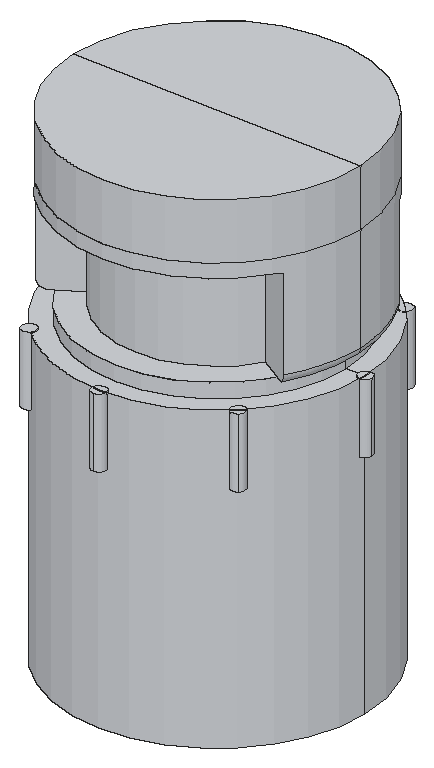
Revit family
Parameters
  URL = "www.SiouxChief.com"
  Type Comments = ""
  Model = "250-12P"
  Manufacturer = "Sioux Chief Manufacturing"
  Description = "2\" TurboVent Body w/Adapter"
Reference planes (in)
  plane 1 "Center (Front/Back)": y = 0
  plane 2: z = 0
  plane 3 "Center (Left/Right)": x = 0
  plane 4: z = 0.7565
  plane 5: z = 1.6784
  plane 6 "top": z = 2.3182
Forms (in)
  Revolve 1, solid
    sketch origin (0, 0, 0) x (1, 0, 0) y (0, 0, 1)
      loop
        line (0, 0) -> (1.167, 0) -> (1.167, 0.7565) -> (1.21535, 0.7565)
        arc (1.21535, 0.7565) -> (1.27521, 0.78129) -> (1.3, 0.84115) r 0.08465
        line (1.3, 0.84115) -> (1.3, 1.8034) -> (0, 1.8034) -> (0, 0)
      axis (0, 1.8034) -> (0, 0)
    angle from 0 to 360
  Extrusion 2, void
    sketch origin (0.93075, -180, 0.7565) x (0, -1, 0) y (-1, 0, 0)
      loop
        line (-179.53502, 0.12538) -> (-179.35, -0.19508)
        arc (-179.35, -0.19508) -> (-178.7, 0.93075) -> (-179.35, 2.05658) r 1.3
        line (-179.35, 2.05658) -> (-179.53502, 1.73612)
        arc (-179.53502, 1.73612) -> (-179.07004, 0.93075) -> (-179.53502, 0.12538) r 0.92996
    from 0 to -0.9219
  Extrusion 3, void
    sketch origin (0.93075, 180, 0.7565) x (0, -1, 0) y (-1, 0, 0)
      loop
        arc (179.53502, 0.12538) -> (179.07004, 0.93075) -> (179.53502, 1.73612) r 0.92996
        line (179.53502, 1.73612) -> (179.35, 2.05658)
        arc (179.35, 2.05658) -> (178.7, 0.93075) -> (179.35, -0.19508) r 1.3
        line (179.35, -0.19508) -> (179.53502, 0.12538)
    from 0 to -0.9219
  Extrusion 4, void
    sketch origin (0.93075, -180, 0.7565) x (0, -1, 0) y (-1, 0, 0)
      loop
        line (-180.0755, 1.00322) -> (-180.0755, 0.84882) -> (-179.9245, 0.84882) -> (-179.9245, 1.00322) -> (-180.0755, 1.00322)
    from 0 to 0.7565
  Revolve 5, solid
    sketch origin (0, 0, 0) x (1, 0, 0) y (0, 0, 1)
      loop
        line (0, 0.62783) -> (0, -2.12217) -> (1.34375, -2.12217) -> (1.34375, 0.62783) -> (0, 0.62783)
      axis (0, 0.62783) -> (0, -2.12217)
    angle from 0 to 360
  Extrusion 6, solid
    sketch origin (0.93075, -180, 0.7565) x (0, -1, 0) y (-1, 0, 0)
      loop
        circle (-180, 2.2745) r 0.0625
      loop
        circle (-180.95017, 1.88092) r 0.0625
      loop
        circle (-178.65625, 0.93075) r 0.0625
      loop
        circle (-180, -0.413) r 0.0625
      loop
        circle (-180.95017, -0.01942) r 0.0625
      loop
        circle (-179.04983, 1.88092) r 0.0625
      loop
        circle (-179.04983, -0.01942) r 0.0625
      loop
        circle (-181.34375, 0.93075) r 0.0625
    from 0.12867 to 0.7565
  Extrusion 7, void
    sketch origin (0, 0, -2.12217) x (1, 0, 0) y (0, -1, 0)
      loop
        circle (0, 0) r 1.10764
    from -2.75 to 1.19319
  Revolve 8, solid
    sketch origin (0, 0, 0) x (1, 0, 0) y (0, 0, 1)
      loop
        line (0, 1.8034) -> (0, 2.3182) -> (-1.3, 2.3182) -> (-1.3, 1.8034) -> (0, 1.8034)
      axis (0, 2.3182) -> (0, 1.8034)
    angle from 0 to 360
  Revolve 9, solid, not visible
    sketch origin (0, 0, 0) x (1, 0, 0) y (0, 0, 1)
      loop
        line (-1.3, 1.8034) -> (0, 1.8034) -> (0, 2.3182) -> (-1.3, 2.3182) -> (-1.3, 1.8034)
      axis (0, 2.3182) -> (0, 1.8034)
    angle from 0 to 360
  Revolve 10, solid, not visible
    sketch origin (0, 0, 0) x (1, 0, 0) y (0, 0, 1)
      loop
        line (-1.3, 1.8034) -> (0, 1.8034) -> (0, 2.3182) -> (-1.3, 2.3182) -> (-1.3, 1.8034)
      axis (0, 2.3182) -> (0, 1.8034)
    angle from 0 to 360
Cuts and joins
  Extrusion 2, Extrusion 3, Extrusion 4 cuts Revolve 1
  Extrusion 7 cuts Revolve 5
Lines and regions (in)
  model lines, not visible
    curve 1: line (0.88555, 0, 2.3182) -> (1.24582, 0, 2.3182)
    curve 2: arc (1.24582, 0, 2.3182) -> (0.98666, -0.36322, 2.3182) -> (0.62618, -0.62618, 2.3182) r 1.39666
    curve 3: line (0.62618, -0.62618, 2.3182) -> (0.88093, -0.88093, 2.3182)
    curve 4: arc (0.88093, -0.88093, 2.3182) -> (0.44084, -0.95451, 2.3182) -> (0, -0.88555, 2.3182) r 1.39666
    curve 5: line (0, -0.88555, 2.3182) -> (0, -1.24582, 2.3182)
    curve 6: arc (0, -1.24582, 2.3182) -> (-0.36322, -0.98666, 2.3182) -> (-0.62618, -0.62618, 2.3182) r 1.39666
    curve 7: line (-0.62618, -0.62618, 2.3182) -> (-0.88093, -0.88093, 2.3182)
    curve 8: arc (-0.88093, -0.88093, 2.3182) -> (-0.95451, -0.44084, 2.3182) -> (-0.88555, 0, 2.3182) r 1.39666
    curve 9: line (-0.88555, 0, 2.3182) -> (-1.24582, 0, 2.3182)
    curve 10: arc (-1.24582, 0, 2.3182) -> (-0.98666, 0.36322, 2.3182) -> (-0.62618, 0.62618, 2.3182) r 1.39666
    curve 11: line (-0.62618, 0.62618, 2.3182) -> (-0.88093, 0.88093, 2.3182)
    curve 12: arc (-0.88093, 0.88093, 2.3182) -> (-0.44084, 0.95451, 2.3182) -> (0, 0.88555, 2.3182) r 1.39666
    curve 13: line (0, 0.88555, 2.3182) -> (0, 1.24582, 2.3182)
    curve 14: arc (0, 1.24582, 2.3182) -> (0.36322, 0.98666, 2.3182) -> (0.62618, 0.62618, 2.3182) r 1.39666
    curve 15: line (0.62618, 0.62618, 2.3182) -> (0.88093, 0.88093, 2.3182)
    curve 16: arc (0.88093, 0.88093, 2.3182) -> (0.95451, 0.44084, 2.3182) -> (0.88555, 0, 2.3182) r 1.39666
    curve 17: line (0.88555, 0, 2.3182) -> (1.24582, 0, 2.3182)
    curve 18: arc (1.24582, 0, 2.3182) -> (0.98666, -0.36322, 2.3182) -> (0.62618, -0.62618, 2.3182) r 1.39666
    curve 19: line (0.62618, -0.62618, 2.3182) -> (0.88093, -0.88093, 2.3182)
    curve 20: arc (0.88093, -0.88093, 2.3182) -> (0.44084, -0.95451, 2.3182) -> (0, -0.88555, 2.3182) r 1.39666
    curve 21: line (0, -0.88555, 2.3182) -> (0, -1.24582, 2.3182)
    curve 22: arc (0, -1.24582, 2.3182) -> (-0.36322, -0.98666, 2.3182) -> (-0.62618, -0.62618, 2.3182) r 1.39666
    curve 23: line (-0.62618, -0.62618, 2.3182) -> (-0.88093, -0.88093, 2.3182)
    curve 24: arc (-0.88093, -0.88093, 2.3182) -> (-0.95451, -0.44084, 2.3182) -> (-0.88555, 0, 2.3182) r 1.39666
    curve 25: line (-0.88555, 0, 2.3182) -> (-1.24582, 0, 2.3182)
    curve 26: arc (-1.24582, 0, 2.3182) -> (-0.98666, 0.36322, 2.3182) -> (-0.62618, 0.62618, 2.3182) r 1.39666
    curve 27: line (-0.62618, 0.62618, 2.3182) -> (-0.88093, 0.88093, 2.3182)
    curve 28: arc (-0.88093, 0.88093, 2.3182) -> (-0.44084, 0.95451, 2.3182) -> (0, 0.88555, 2.3182) r 1.39666
    curve 29: line (0, 0.88555, 2.3182) -> (0, 1.24582, 2.3182)
    curve 30: arc (0, 1.24582, 2.3182) -> (0.36322, 0.98666, 2.3182) -> (0.62618, 0.62618, 2.3182) r 1.39666
    curve 31: line (0.62618, 0.62618, 2.3182) -> (0.88093, 0.88093, 2.3182)
    curve 32: arc (0.88093, 0.88093, 2.3182) -> (0.95451, 0.44084, 2.3182) -> (0.88555, 0, 2.3182) r 1.39666
  model lines
    curve 33: line (0.87698, 0.00528, 2.3182) -> (1.23725, 0.00528, 2.3182)
    curve 34: arc (1.23725, 0.00528, 2.3182) -> (0.97809, -0.35794, 2.3182) -> (0.61761, -0.6209, 2.3182) r 1.39666
    curve 35: line (0.61761, -0.6209, 2.3182) -> (0.87236, -0.87565, 2.3182)
    curve 36: arc (0.87236, -0.87565, 2.3182) -> (0.43227, -0.94923, 2.3182) -> (-0.00857, -0.88027, 2.3182) r 1.39666
    curve 37: line (-0.00857, -0.88027, 2.3182) -> (-0.00857, -1.24054, 2.3182)
    curve 38: arc (-0.00857, -1.24054, 2.3182) -> (-0.37179, -0.98138, 2.3182) -> (-0.63475, -0.6209, 2.3182) r 1.39666
    curve 39: line (-0.63475, -0.6209, 2.3182) -> (-0.8895, -0.87565, 2.3182)
    curve 40: arc (-0.8895, -0.87565, 2.3182) -> (-0.96308, -0.43556, 2.3182) -> (-0.89412, 0.00528, 2.3182) r 1.39666
    curve 41: line (-0.89412, 0.00528, 2.3182) -> (-1.25439, 0.00528, 2.3182)
    curve 42: arc (-1.25439, 0.00528, 2.3182) -> (-0.99523, 0.3685, 2.3182) -> (-0.63475, 0.63146, 2.3182) r 1.39666
    curve 43: line (-0.63475, 0.63146, 2.3182) -> (-0.8895, 0.88621, 2.3182)
    curve 44: arc (-0.8895, 0.88621, 2.3182) -> (-0.44941, 0.95979, 2.3182) -> (-0.00857, 0.89083, 2.3182) r 1.39666
    curve 45: line (-0.00857, 0.89083, 2.3182) -> (-0.00857, 1.2511, 2.3182)
    curve 46: arc (-0.00857, 1.2511, 2.3182) -> (0.35465, 0.99194, 2.3182) -> (0.61761, 0.63146, 2.3182) r 1.39666
    curve 47: line (0.61761, 0.63146, 2.3182) -> (0.87236, 0.88621, 2.3182)
    curve 48: arc (0.87236, 0.88621, 2.3182) -> (0.94594, 0.44612, 2.3182) -> (0.87698, 0.00528, 2.3182) r 1.39666
Dimensions and locks (in)
  aligned and locked: plane 2 to level
  aligned and locked: Extrusion 2 to plane 5
  aligned and locked: Extrusion 2 to cut or joined group of Revolve 1, Extrusion 2, Extrusion 3, Extrusion 4
  aligned and locked: Revolve 1 to Extrusion 4
  aligned and locked: Extrusion 4 to level
  aligned and locked: Extrusion 6 to Revolve 5
  aligned and locked: Extrusion 6 to level
  aligned and locked: Revolve 5 to Extrusion 7
Connectors (in)
  piping at (0, 0, -2.12217)
    settings: on cut or joined group of Revolve 5, Extrusion 7, index 1, connector radius 1", flow factor 0, pipe flow 0 GPM, pressure drop 0.00 psi, fitting loss kfactor 0, connector angle 0.00°, fixture units 0, flow configuration 0, flow direction 0, fitting loss method 0, system type 22, connector reference index -1, connector utility 0, adjustable connector no, is connector primary yes, fitting loss table "", connector description "2\" PVC"
